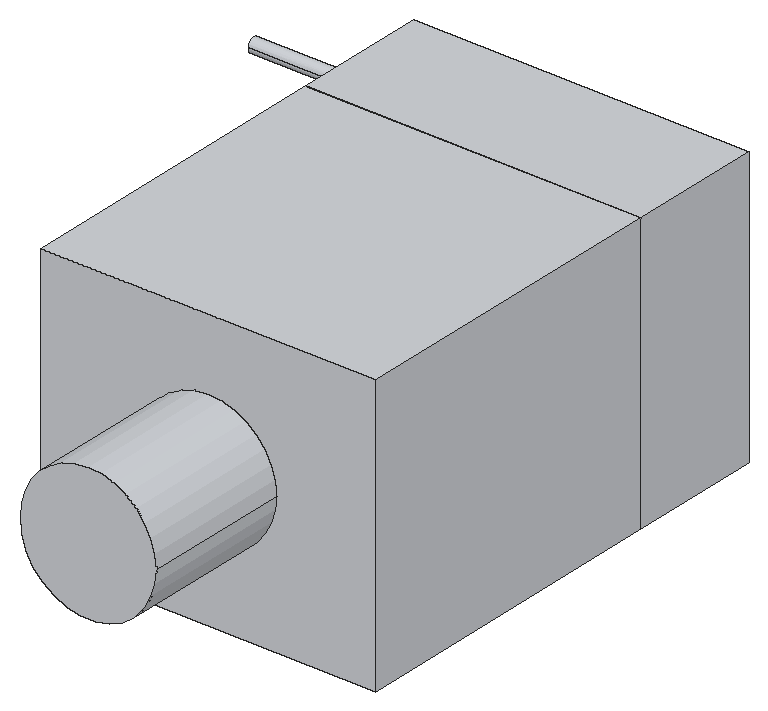
Revit family "EZTS+WITH 2 ROW HWC", category Mechanical Equipment, Revit 2018
Family settings
  Round Connector Dimension = Use Diameter
  Part Type = Normal
  OmniClass Number = 23.75.00.00
  OmniClass Title = Climate Control (HVAC)
  Work Plane-Based = No
  Always vertical = Yes
  Cut with Voids When Loaded = No
  Shared = No
  Room Calculation Point = No
Parameters (values of type "EZTS+0508 W/2 Coil LH NO Controller")
  Width = 1' - 0"
  URL = "https://www.anemostat-hvac.com/"
  RightController = no
  Power Right Controller = no
  Power Left Controller = no
  PipeVTwo = 0' - 1 1/4"
  PipeVOne = 0' - 1 1/4"
  PipeTwoRH = no
  PipeTwoLH = yes
  PipeRad = PipeDia / 2  # 0' - 0 1/4"
  PipeOneRH = no
  PipeOneLH = yes
  PipeLength = 0' - 4"
  PipeHTwo = 0' - 3 1/2"
  PipeHOne = Coil / 2.05 + Discharge  # 0' - 2.66768"
  PipeDia = 0' - 0 1/2"
  Model = "EZTS+"
  Manufacturer = "ANEMOSTAT PRODUCTS"
  Length = 1' - 0 1/2"
  LeftController = no
  Inlet_S = 0' - 5 3/8"
  InletRadius = InletDia / 2  # 0' - 2 7/16"
  InletDia = 0' - 4 7/8"
  Height = 0' - 10"
  HWCSlipDrive2Coil = 1' - 4 11/16"
  HWCSlipDrive3Coil = 1' - 5 3/4"
  HWCSlipDrive4Coil = 1' - 7 5/16"
  HWCSlipDrive1Coil = 1' - 3 5/8"
  HWCSlipDrive = 1' - 4 11/16"
  HWCOverlap = 0' - 0 5/8"
  EnslosureRear = 1' - 2 7/32"
  EnclosureWidth = 0' - 7 1/8"
  EnclosureHeight = 0' - 11 3/32"
  EnclosureFront = 0' - 3"
  EnclosureCenter = Height / 2  # 0' - 5"
  DischargeY = Height - 0' 1 1/4"  # 0' - 8 3/4"
  DischargeX = Width - 0' 1 1/4"  # 0' - 10 3/4"
  Discharge = 0' - 0 5/8"
  Description = "SINGLE DUCT AIR TERMINAL WITH JUMBO HOT WATER HEATING COIL"
  Coil = HWCSlipDrive - Length  # 0' - 4 3/16"
Types (42): name | Width | RightController | Power Right Controller | Power Left Controller | PipeTwoRH | PipeTwoLH | PipeRad | PipeOneRH | PipeOneLH | PipeHTwo | PipeDia | Length | LeftController | InletRadius | InletDia | Height | HWCSlipDrive2Coil | HWCSlipDrive3Coil | HWCSlipDrive4Coil | HWCSlipDrive1Coil | HWCSlipDrive | EnclosureCenter | DischargeY | DischargeX | Description
  EZTS+0508 W/2 Coil LH NO Controller | 1' - 0" | no | no | no | no | yes | 0' - 0 1/4" | no | yes | 0' - 3 1/2" | 0' - 0 1/2" | 1' - 0 1/2" | no | 0' - 2 7/16" | 0' - 4 7/8" | 0' - 10" | 1' - 4 11/16" | 1' - 5 3/4" | 1' - 7 5/16" | 1' - 3 5/8" | 1' - 4 11/16" | 0' - 5" | 0' - 8 3/4" | 0' - 10 3/4" | "SINGLE DUCT AIR TERMINAL WITH JUMBO HOT WATER HEATING COIL"
  EZTS+0608 W/2 Coil LH NO Controller | 1' - 0" | no | no | no | no | yes | 0' - 0 1/4" | no | yes | 0' - 3 1/2" | 0' - 0 1/2" | 1' - 0 1/2" | no | 0' - 2 15/16" | 0' - 5 7/8" | 0' - 10" | 1' - 4 11/16" | 1' - 5 3/4" | 1' - 7 5/16" | 1' - 3 5/8" | 1' - 4 11/16" | 0' - 5" | 0' - 8 3/4" | 0' - 10 3/4" | "SINGLE DUCT AIR TERMINAL WITH JUMBO HOT WATER HEATING COIL"
  EZTS+0508 W/2 Coil RH NO Controller | 1' - 0" | no | no | no | yes | no | 0' - 0 1/4" | yes | no | 0' - 3 1/2" | 0' - 0 1/2" | 1' - 0 1/2" | no | 0' - 2 7/16" | 0' - 4 7/8" | 0' - 10" | 1' - 4 11/16" | 1' - 5 3/4" | 1' - 7 5/16" | 1' - 3 5/8" | 1' - 4 11/16" | 0' - 5" | 0' - 8 3/4" | 0' - 10 3/4" | "SINGLE DUCT AIR TERMINAL WITH JUMBO HOT WATER HEATING COIL"
  EZTS+0608 W/2 Coil RH NO Controller | 1' - 0" | no | no | no | yes | no | 0' - 0 1/4" | yes | no | 0' - 3 1/2" | 0' - 0 1/2" | 1' - 0 1/2" | no | 0' - 2 15/16" | 0' - 5 7/8" | 0' - 10" | 1' - 4 11/16" | 1' - 5 3/4" | 1' - 7 5/16" | 1' - 3 5/8" | 1' - 4 11/16" | 0' - 5" | 0' - 8 3/4" | 0' - 10 3/4" | "SINGLE DUCT AIR TERMINAL WITH JUMBO HOT WATER HEATING COIL"
  EZTS+0508 W/2 Coil LH W/Controller LH | 1' - 0" | no | no | yes | no | yes | 0' - 0 1/4" | no | yes | 0' - 3 1/2" | 0' - 0 1/2" | 1' - 0 1/2" | yes | 0' - 2 7/16" | 0' - 4 7/8" | 0' - 10" | 1' - 4 11/16" | 1' - 5 3/4" | 1' - 7 5/16" | 1' - 3 5/8" | 1' - 4 11/16" | 0' - 5" | 0' - 8 3/4" | 0' - 10 3/4" | "SINGLE DUCT AIR TERMINAL WITH JUMBO HOT WATER HEATING COIL"
  EZTS+0608 W/2 Coil LH W/Controller LH | 1' - 0" | no | no | yes | no | yes | 0' - 0 1/4" | no | yes | 0' - 3 1/2" | 0' - 0 1/2" | 1' - 0 1/2" | yes | 0' - 2 15/16" | 0' - 5 7/8" | 0' - 10" | 1' - 4 11/16" | 1' - 5 3/4" | 1' - 7 5/16" | 1' - 3 5/8" | 1' - 4 11/16" | 0' - 5" | 0' - 8 3/4" | 0' - 10 3/4" | "SINGLE DUCT AIR TERMINAL WITH JUMBO HOT WATER HEATING COIL"
  EZTS+0508 W/2 Coil LH W/Controller RH | 1' - 0" | yes | yes | no | no | yes | 0' - 0 1/4" | no | yes | 0' - 3 1/2" | 0' - 0 1/2" | 1' - 0 1/2" | no | 0' - 2 7/16" | 0' - 4 7/8" | 0' - 10" | 1' - 4 11/16" | 1' - 5 3/4" | 1' - 7 5/16" | 1' - 3 5/8" | 1' - 4 11/16" | 0' - 5" | 0' - 8 3/4" | 0' - 10 3/4" | "SINGLE DUCT AIR TERMINAL WITH JUMBO HOT WATER HEATING COIL"
  EZTS+0608 W/2 Coil LH W/Controller RH | 1' - 0" | yes | yes | no | no | yes | 0' - 0 1/4" | no | yes | 0' - 3 1/2" | 0' - 0 1/2" | 1' - 0 1/2" | no | 0' - 2 15/16" | 0' - 5 7/8" | 0' - 10" | 1' - 4 11/16" | 1' - 5 3/4" | 1' - 7 5/16" | 1' - 3 5/8" | 1' - 4 11/16" | 0' - 5" | 0' - 8 3/4" | 0' - 10 3/4" | "SINGLE DUCT AIR TERMINAL WITH JUMBO HOT WATER HEATING COIL"
  EZTS+0508 W/2 Coil RH W/Controller LH | 1' - 0" | no | no | yes | yes | no | 0' - 0 1/4" | yes | no | 0' - 3 1/2" | 0' - 0 1/2" | 1' - 0 1/2" | yes | 0' - 2 7/16" | 0' - 4 7/8" | 0' - 10" | 1' - 4 11/16" | 1' - 5 3/4" | 1' - 7 5/16" | 1' - 3 5/8" | 1' - 4 11/16" | 0' - 5" | 0' - 8 3/4" | 0' - 10 3/4" | "SINGLE DUCT AIR TERMINAL WITH JUMBO HOT WATER HEATING COIL"
  EZTS+0608 W/2 Coil RH W/Controller LH | 1' - 0" | no | no | yes | yes | no | 0' - 0 1/4" | yes | no | 0' - 3 1/2" | 0' - 0 1/2" | 1' - 0 1/2" | yes | 0' - 2 15/16" | 0' - 5 7/8" | 0' - 10" | 1' - 4 11/16" | 1' - 5 3/4" | 1' - 7 5/16" | 1' - 3 5/8" | 1' - 4 11/16" | 0' - 5" | 0' - 8 3/4" | 0' - 10 3/4" | "SINGLE DUCT AIR TERMINAL WITH JUMBO HOT WATER HEATING COIL"
  EZTS+0508 W/2 Coil RH W/Controller RH | 1' - 0" | yes | yes | no | yes | no | 0' - 0 1/4" | yes | no | 0' - 3 1/2" | 0' - 0 1/2" | 1' - 0 1/2" | no | 0' - 2 7/16" | 0' - 4 7/8" | 0' - 10" | 1' - 4 11/16" | 1' - 5 3/4" | 1' - 7 5/16" | 1' - 3 5/8" | 1' - 4 11/16" | 0' - 5" | 0' - 8 3/4" | 0' - 10 3/4" | "SINGLE DUCT AIR TERMINAL WITH JUMBO HOT WATER HEATING COIL"
  EZTS+0608 W/2 Coil RH W/Controller RH | 1' - 0" | yes | yes | no | yes | no | 0' - 0 1/4" | yes | no | 0' - 3 1/2" | 0' - 0 1/2" | 1' - 0 1/2" | no | 0' - 2 15/16" | 0' - 5 7/8" | 0' - 10" | 1' - 4 11/16" | 1' - 5 3/4" | 1' - 7 5/16" | 1' - 3 5/8" | 1' - 4 11/16" | 0' - 5" | 0' - 8 3/4" | 0' - 10 3/4" | "SINGLE DUCT AIR TERMINAL WITH JUMBO HOT WATER HEATING COIL"
  EZTS+0710 W/2 Coil LH NO Controller | 1' - 2" | no | no | no | no | yes | 0' - 0 1/4" | no | yes | 0' - 3 1/2" | 0' - 0 1/2" | 1' - 2 1/2" | no | 0' - 3 7/16" | 0' - 6 7/8" | 1' - 0 1/2" | 1' - 6 11/16" | 1' - 7 3/4" | 1' - 9 5/16" | 1' - 5 5/8" | 1' - 6 11/16" | 0' - 6 1/4" | 0' - 11 1/4" | 1' - 0 3/4" | "SINGLE DUCT AIR TERMINAL WITH JUMBO HOT WATER HEATING COIL"
  EZTS+0810 W/2 Coil LH NO Controller | 1' - 2" | no | no | no | no | yes | 0' - 0 1/4" | no | yes | 0' - 3 1/2" | 0' - 0 1/2" | 1' - 2 1/2" | no | 0' - 3 15/16" | 0' - 7 7/8" | 1' - 0 1/2" | 1' - 6 11/16" | 1' - 7 3/4" | 1' - 9 5/16" | 1' - 5 5/8" | 1' - 6 11/16" | 0' - 6 1/4" | 0' - 11 1/4" | 1' - 0 3/4" | "SINGLE DUCT AIR TERMINAL WITH JUMBO HOT WATER HEATING COIL"
  EZTS+0710 W/2 Coil RH NO Controller | 1' - 2" | no | no | no | yes | no | 0' - 0 1/4" | yes | no | 0' - 3 1/2" | 0' - 0 1/2" | 1' - 2 1/2" | no | 0' - 3 7/16" | 0' - 6 7/8" | 1' - 0 1/2" | 1' - 6 11/16" | 1' - 7 3/4" | 1' - 9 5/16" | 1' - 5 5/8" | 1' - 6 11/16" | 0' - 6 1/4" | 0' - 11 1/4" | 1' - 0 3/4" | "SINGLE DUCT AIR TERMINAL WITH JUMBO HOT WATER HEATING COIL"
  EZTS+0810 W/2 Coil RH NO Controller | 1' - 2" | no | no | no | yes | no | 0' - 0 1/4" | yes | no | 0' - 3 1/2" | 0' - 0 1/2" | 1' - 2 1/2" | no | 0' - 3 15/16" | 0' - 7 7/8" | 1' - 0 1/2" | 1' - 6 11/16" | 1' - 7 3/4" | 1' - 9 5/16" | 1' - 5 5/8" | 1' - 6 11/16" | 0' - 6 1/4" | 0' - 11 1/4" | 1' - 0 3/4" | "SINGLE DUCT AIR TERMINAL WITH JUMBO HOT WATER HEATING COIL"
  EZTS+0710 W/2 Coil LH W/Controller RH | 1' - 2" | yes | yes | no | no | yes | 0' - 0 1/4" | no | yes | 0' - 3 1/2" | 0' - 0 1/2" | 1' - 2 1/2" | no | 0' - 3 7/16" | 0' - 6 7/8" | 1' - 0 1/2" | 1' - 6 11/16" | 1' - 7 3/4" | 1' - 9 5/16" | 1' - 5 5/8" | 1' - 6 11/16" | 0' - 6 1/4" | 0' - 11 1/4" | 1' - 0 3/4" | "SINGLE DUCT AIR TERMINAL WITH JUMBO HOT WATER HEATING COIL"
  EZTS+0810 W/2 Coil LH W/Controller RH | 1' - 2" | yes | yes | no | no | yes | 0' - 0 1/4" | no | yes | 0' - 3 1/2" | 0' - 0 1/2" | 1' - 2 1/2" | no | 0' - 3 15/16" | 0' - 7 7/8" | 1' - 0 1/2" | 1' - 6 11/16" | 1' - 7 3/4" | 1' - 9 5/16" | 1' - 5 5/8" | 1' - 6 11/16" | 0' - 6 1/4" | 0' - 11 1/4" | 1' - 0 3/4" | "SINGLE DUCT AIR TERMINAL WITH JUMBO HOT WATER HEATING COIL"
  EZTS+0710 W/2 Coil LH W/Controller LH | 1' - 2" | no | no | yes | no | yes | 0' - 0 1/4" | no | yes | 0' - 3 1/2" | 0' - 0 1/2" | 1' - 2 1/2" | yes | 0' - 3 7/16" | 0' - 6 7/8" | 1' - 0 1/2" | 1' - 6 11/16" | 1' - 7 3/4" | 1' - 9 5/16" | 1' - 5 5/8" | 1' - 6 11/16" | 0' - 6 1/4" | 0' - 11 1/4" | 1' - 0 3/4" | "SINGLE DUCT AIR TERMINAL WITH JUMBO HOT WATER HEATING COIL"
  EZTS+0810 W/2 Coil LH W/Controller LH | 1' - 2" | no | no | yes | no | yes | 0' - 0 1/4" | no | yes | 0' - 3 1/2" | 0' - 0 1/2" | 1' - 2 1/2" | yes | 0' - 3 15/16" | 0' - 7 7/8" | 1' - 0 1/2" | 1' - 6 11/16" | 1' - 7 3/4" | 1' - 9 5/16" | 1' - 5 5/8" | 1' - 6 11/16" | 0' - 6 1/4" | 0' - 11 1/4" | 1' - 0 3/4" | "SINGLE DUCT AIR TERMINAL WITH JUMBO HOT WATER HEATING COIL"
  EZTS+0710 W/2 Coil RH W/Controller LH | 1' - 2" | no | no | yes | yes | no | 0' - 0 1/4" | yes | no | 0' - 3 1/2" | 0' - 0 1/2" | 1' - 2 1/2" | yes | 0' - 3 7/16" | 0' - 6 7/8" | 1' - 0 1/2" | 1' - 6 11/16" | 1' - 7 3/4" | 1' - 9 5/16" | 1' - 5 5/8" | 1' - 6 11/16" | 0' - 6 1/4" | 0' - 11 1/4" | 1' - 0 3/4" | "SINGLE DUCT AIR TERMINAL WITH JUMBO HOT WATER HEATING COIL"
  EZTS+0810 W/2 Coil RH W/Controller LH | 1' - 2" | no | no | yes | yes | no | 0' - 0 1/4" | yes | no | 0' - 3 1/2" | 0' - 0 1/2" | 1' - 2 1/2" | yes | 0' - 3 15/16" | 0' - 7 7/8" | 1' - 0 1/2" | 1' - 6 11/16" | 1' - 7 3/4" | 1' - 9 5/16" | 1' - 5 5/8" | 1' - 6 11/16" | 0' - 6 1/4" | 0' - 11 1/4" | 1' - 0 3/4" | "SINGLE DUCT AIR TERMINAL WITH JUMBO HOT WATER HEATING COIL"
  EZTS+0710 W/2 Coil RH W/Controller RH | 1' - 2" | yes | yes | no | yes | no | 0' - 0 1/4" | yes | no | 0' - 3 1/2" | 0' - 0 1/2" | 1' - 2 1/2" | no | 0' - 3 7/16" | 0' - 6 7/8" | 1' - 0 1/2" | 1' - 6 11/16" | 1' - 7 3/4" | 1' - 9 5/16" | 1' - 5 5/8" | 1' - 6 11/16" | 0' - 6 1/4" | 0' - 11 1/4" | 1' - 0 3/4" | "SINGLE DUCT AIR TERMINAL WITH JUMBO HOT WATER HEATING COIL"
  EZTS+0810 W/2 Coil RH W/Controller RH | 1' - 2" | yes | yes | no | yes | no | 0' - 0 1/4" | yes | no | 0' - 3 1/2" | 0' - 0 1/2" | 1' - 2 1/2" | no | 0' - 3 15/16" | 0' - 7 7/8" | 1' - 0 1/2" | 1' - 6 11/16" | 1' - 7 3/4" | 1' - 9 5/16" | 1' - 5 5/8" | 1' - 6 11/16" | 0' - 6 1/4" | 0' - 11 1/4" | 1' - 0 3/4" | "SINGLE DUCT AIR TERMINAL WITH JUMBO HOT WATER HEATING COIL"
  EZTS+1012 W/2 Coil LH NO Controller | 1' - 4" | no | no | no | no | yes | 0' - 0 1/4" | no | yes | 0' - 3 1/2" | 0' - 0 1/2" | 1' - 6 1/2" | no | 0' - 5 15/16" | 0' - 11 7/8" | 1' - 3" | 1' - 10 11/16" | 1' - 11 3/4" | 2' - 0 13/16" | 1' - 9 5/8" | 1' - 10 11/16" | 0' - 7 1/2" | 1' - 1 3/4" | 1' - 2 3/4" | "EZTS+ W/ Hot Water Heating Coil"
  EZTS+1012 W/2 Coil RH NO Controller | 1' - 4" | no | no | no | yes | no | 0' - 0 1/4" | yes | no | 0' - 3 1/2" | 0' - 0 1/2" | 1' - 6 1/2" | no | 0' - 4 15/16" | 0' - 9 7/8" | 1' - 3" | 1' - 10 11/16" | 1' - 11 3/4" | 2' - 0 13/16" | 1' - 9 5/8" | 1' - 10 11/16" | 0' - 7 1/2" | 1' - 1 3/4" | 1' - 2 3/4" | "EZTS+ W/ Hot Water Heating Coil"
  EZTS+1012 W/2 Coil LH W/Controller LH | 1' - 4" | no | no | yes | no | yes | 0' - 0 1/4" | no | yes | 0' - 3 1/2" | 0' - 0 1/2" | 1' - 6 1/2" | yes | 0' - 4 15/16" | 0' - 9 7/8" | 1' - 3" | 1' - 10 11/16" | 1' - 11 3/4" | 2' - 0 13/16" | 1' - 9 5/8" | 1' - 10 11/16" | 0' - 7 1/2" | 1' - 1 3/4" | 1' - 2 3/4" | "SINGLE DUCT AIR TERMINAL WITH JUMBO HOT WATER HEATING COIL"
  EZTS+1012 W/2 Coil LH W/Controller RH | 1' - 4" | yes | yes | no | no | yes | 0' - 0 1/4" | no | yes | 0' - 3 1/2" | 0' - 0 1/2" | 1' - 6 1/2" | no | 0' - 4 15/16" | 0' - 9 7/8" | 1' - 3" | 1' - 10 11/16" | 1' - 11 3/4" | 2' - 0 13/16" | 1' - 9 5/8" | 1' - 10 11/16" | 0' - 7 1/2" | 1' - 1 3/4" | 1' - 2 3/4" | "EZTS+ W/ Hot Water Heating Coil"
  EZTS+1012 W/2 Coil RH W/Controller LH | 1' - 4" | no | no | yes | yes | no | 0' - 0 1/4" | yes | no | 0' - 3 1/2" | 0' - 0 1/2" | 1' - 6 1/2" | yes | 0' - 4 15/16" | 0' - 9 7/8" | 1' - 3" | 1' - 10 11/16" | 1' - 11 3/4" | 2' - 0 13/16" | 1' - 9 5/8" | 1' - 10 11/16" | 0' - 7 1/2" | 1' - 1 3/4" | 1' - 2 3/4" | "EZTS+ W/ Hot Water Heating Coil"
  EZTS+1012 W/2 Coil RH W/Controller RH | 1' - 4" | yes | yes | no | yes | no | 0' - 0 1/4" | yes | no | 0' - 3 1/2" | 0' - 0 1/2" | 1' - 6 1/2" | no | 0' - 4 15/16" | 0' - 9 7/8" | 1' - 3" | 1' - 10 11/16" | 1' - 11 3/4" | 2' - 0 13/16" | 1' - 9 5/8" | 1' - 10 11/16" | 0' - 7 1/2" | 1' - 1 3/4" | 1' - 2 3/4" | "EZTS+ W/ Hot Water Heating Coil"
  EZTS+1214 W/2 Coil LH NO Controller | 1' - 8" | no | no | no | no | yes | 0' - 0 7/16" | no | yes | 0' - 2 5/32" | 0' - 0 7/8" | 1' - 6 1/2" | no | 0' - 5 15/16" | 0' - 11 7/8" | 1' - 5 1/2" | 1' - 10 11/16" | 1' - 11 3/4" | 2' - 0 13/16" | 1' - 9 5/8" | 1' - 10 11/16" | 0' - 8 3/4" | 1' - 4 1/4" | 1' - 6 3/4" | "SINGLE DUCT AIR TERMINAL WITH JUMBO HOT WATER HEATING COIL"
  EZTS+1214 W/2 Coil RH NO Controller | 1' - 8" | no | no | no | yes | no | 0' - 0 7/16" | yes | no | 0' - 2 5/32" | 0' - 0 7/8" | 1' - 6 1/2" | no | 0' - 5 15/16" | 0' - 11 7/8" | 1' - 5 1/2" | 1' - 10 11/16" | 1' - 11 3/4" | 2' - 0 13/16" | 1' - 9 5/8" | 1' - 10 11/16" | 0' - 8 3/4" | 1' - 4 1/4" | 1' - 6 3/4" | "SINGLE DUCT AIR TERMINAL WITH JUMBO HOT WATER HEATING COIL"
  EZTS+1214 W/2 Coil LH W/Controller LH | 1' - 8" | no | no | yes | no | yes | 0' - 0 7/16" | no | yes | 0' - 2 5/32" | 0' - 0 7/8" | 1' - 6 1/2" | yes | 0' - 5 15/16" | 0' - 11 7/8" | 1' - 5 1/2" | 1' - 10 11/16" | 1' - 11 3/4" | 2' - 0 13/16" | 1' - 9 5/8" | 1' - 10 11/16" | 0' - 8 3/4" | 1' - 4 1/4" | 1' - 6 3/4" | "SINGLE DUCT AIR TERMINAL WITH JUMBO HOT WATER HEATING COIL"
  EZTS+1214 W/2 Coil LH W/Controller RH | 1' - 8" | yes | yes | no | no | yes | 0' - 0 7/16" | no | yes | 0' - 2 5/32" | 0' - 0 7/8" | 1' - 6 1/2" | no | 0' - 5 15/16" | 0' - 11 7/8" | 1' - 5 1/2" | 1' - 10 11/16" | 1' - 11 3/4" | 2' - 0 13/16" | 1' - 9 5/8" | 1' - 10 11/16" | 0' - 8 3/4" | 1' - 4 1/4" | 1' - 6 3/4" | "SINGLE DUCT AIR TERMINAL WITH JUMBO HOT WATER HEATING COIL"
  EZTS+1214 W/2 Coil RH W/Controller LH | 1' - 8" | no | no | yes | yes | no | 0' - 0 7/16" | yes | no | 0' - 2 5/32" | 0' - 0 7/8" | 1' - 6 1/2" | yes | 0' - 5 15/16" | 0' - 11 7/8" | 1' - 5 1/2" | 1' - 10 11/16" | 1' - 11 3/4" | 2' - 0 13/16" | 1' - 9 5/8" | 1' - 10 11/16" | 0' - 8 3/4" | 1' - 4 1/4" | 1' - 6 3/4" | "SINGLE DUCT AIR TERMINAL WITH JUMBO HOT WATER HEATING COIL"
  EZTS+1214 W/2 Coil RH W/Controller RH | 1' - 8" | yes | yes | no | yes | no | 0' - 0 7/16" | yes | no | 0' - 2 5/32" | 0' - 0 7/8" | 1' - 6 1/2" | no | 0' - 5 15/16" | 0' - 11 7/8" | 1' - 5 1/2" | 1' - 10 11/16" | 1' - 11 3/4" | 2' - 0 13/16" | 1' - 9 5/8" | 1' - 10 11/16" | 0' - 8 3/4" | 1' - 4 1/4" | 1' - 6 3/4" | "SINGLE DUCT AIR TERMINAL WITH JUMBO HOT WATER HEATING COIL"
  EZTS+1416 W/2 Coil LH NO Controller | 2' - 0" | no | no | no | no | yes | 0' - 0 7/16" | no | yes | 0' - 3 1/2" | 0' - 0 7/8" | 1' - 6 1/2" | no | 0' - 6 15/16" | 1' - 1 7/8" | 1' - 5 1/2" | 1' - 10 11/16" | 1' - 11 3/4" | 2' - 0 13/16" | 0' - 0" | 1' - 10 11/16" | 0' - 8 3/4" | 1' - 4 1/4" | 1' - 10 3/4" | "SINGLE DUCT AIR TERMINAL WITH JUMBO HOT WATER HEATING COIL"
  EZTS+1416 W/2 Coil RH NO Controller | 2' - 0" | no | no | no | yes | no | 0' - 0 7/16" | yes | no | 0' - 3 1/2" | 0' - 0 7/8" | 1' - 6 1/2" | no | 0' - 6 15/16" | 1' - 1 7/8" | 1' - 5 1/2" | 1' - 10 11/16" | 1' - 11 3/4" | 2' - 0 13/16" | 0' - 0" | 1' - 10 11/16" | 0' - 8 3/4" | 1' - 4 1/4" | 1' - 10 3/4" | "SINGLE DUCT AIR TERMINAL WITH JUMBO HOT WATER HEATING COIL"
  EZTS+1416 W/2 Coil LH W/Controller LH | 2' - 0" | no | no | yes | no | yes | 0' - 0 7/16" | no | yes | 0' - 3 1/2" | 0' - 0 7/8" | 1' - 6 1/2" | yes | 0' - 6 15/16" | 1' - 1 7/8" | 1' - 5 1/2" | 1' - 10 11/16" | 1' - 11 3/4" | 2' - 0 13/16" | 0' - 0" | 1' - 10 11/16" | 0' - 8 3/4" | 1' - 4 1/4" | 1' - 10 3/4" | "SINGLE DUCT AIR TERMINAL WITH JUMBO HOT WATER HEATING COIL"
  EZTS+1416 W/2 Coil LH W/Controller RH | 2' - 0" | yes | yes | no | no | yes | 0' - 0 7/16" | no | yes | 0' - 3 1/2" | 0' - 0 7/8" | 1' - 6 1/2" | no | 0' - 6 15/16" | 1' - 1 7/8" | 1' - 5 1/2" | 1' - 10 11/16" | 1' - 11 3/4" | 2' - 0 13/16" | 0' - 0" | 1' - 10 11/16" | 0' - 8 3/4" | 1' - 4 1/4" | 1' - 10 3/4" | "SINGLE DUCT AIR TERMINAL WITH JUMBO HOT WATER HEATING COIL"
  EZTS+1416 W/2 Coil RH W/Controller LH | 2' - 0" | no | no | yes | yes | no | 0' - 0 7/16" | yes | no | 0' - 3 1/2" | 0' - 0 7/8" | 1' - 6 1/2" | yes | 0' - 6 15/16" | 1' - 1 7/8" | 1' - 5 1/2" | 1' - 10 11/16" | 1' - 11 3/4" | 2' - 0 13/16" | 0' - 0" | 1' - 10 11/16" | 0' - 8 3/4" | 1' - 4 1/4" | 1' - 10 3/4" | "SINGLE DUCT AIR TERMINAL WITH JUMBO HOT WATER HEATING COIL"
  EZTS+1416 W/2 Coil RH W/Controller RH | 2' - 0" | yes | yes | no | yes | no | 0' - 0 7/16" | yes | no | 0' - 3 1/2" | 0' - 0 7/8" | 1' - 6 1/2" | no | 0' - 6 15/16" | 1' - 1 7/8" | 1' - 5 1/2" | 1' - 10 11/16" | 1' - 11 3/4" | 2' - 0 13/16" | 0' - 0" | 1' - 10 11/16" | 0' - 8 3/4" | 1' - 4 1/4" | 1' - 10 3/4" | "SINGLE DUCT AIR TERMINAL WITH JUMBO HOT WATER HEATING COIL"
Reference planes (in)
  plane 1 "Center (Front/Back)": y = 0
  plane 2: z = 0
  plane 3 "Center (Left/Right)": x = 0
  plane 4 "RightSide": x = 6
  plane 5 "LeftSide": x = -6
  plane 6 "InletSide": y = -6.25
  plane 7: y = 4.96875
  plane 8 "EnclosureFront": y = -9.25
  plane 9: x = 13.125
  plane 10: x = -13.125
  plane 11 "DischargeSide": y = 6.25
  plane 12: y = 5.625
  plane 13: z = 10
  plane 14: z = 5
  plane 15: z = 10.54687
  plane 16: z = -0.54687
  plane 17: x = 5.375
  plane 18: x = -5.375
  plane 19: z = 9.375
  plane 20: z = 0.625
  plane 21: y = 5
  plane 22 "HWC SlipNDrive": y = 10.4375
  plane 23: z = 1.25
  plane 24: y = 9.125
  plane 25: y = 8.29268
  plane 26: z = 8.75
Forms (in)
  Extrusion 1, solid
    sketch origin (0, 0, 0) x (1, 0, 0) y (0, 1, 0)
      loop
        line (6, 5.625) -> (-6, 5.625) -> (-6, -6.25) -> (6, -6.25) -> (6, 5.625)
    from 0 to 10
  Extrusion 2, solid
    sketch origin (0, -6.25, 0) x (1, 0, 0) y (0, 0, 1)
      loop
        circle (0, 5) r 2.4375
    from 0 to 5.375 <- "Inlet_S"
  Extrusion 3, solid
    sketch origin (0, 6.25, 0) x (1, 0, 0) y (0, 0, 1)
      loop
        line (-5.375, 9.375) -> (-5.375, 0.625) -> (5.375, 0.625) -> (5.375, 9.375) -> (-5.375, 9.375)
    from 0 to 0.625 <- "Discharge"
  Extrusion 4, solid
    sketch origin (0, 0, 0) x (1, 0, 0) y (0, 1, 0)
      loop
        line (6, 10.4375) -> (-6, 10.4375) -> (-6, 5.625) -> (6, 5.625) -> (6, 10.4375)
    from 0 to 10 <- "Height"
  Extrusion 5, solid, visible <- "PipeOneRH"
    sketch origin (6, 0, 0) x (0, -1, 0) y (0, 0, -1)
      loop
        circle (-8.29268, -8.75) r 0.25
    from 0 to 4 <- "PipeLength"
  Extrusion 6, solid, visible <- "PipeTwoRH"
    sketch origin (6, 0, 0) x (0, -1, 0) y (0, 0, -1)
      loop
        circle (-9.125, -1.25) r 0.25
    from 0 to 4 <- "PipeLength"
  Extrusion 7, solid, visible <- "PipeOneLH"
    sketch origin (-6, 0, 0) x (0, 1, 0) y (0, 0, -1)
      loop
        circle (8.29268, -8.75) r 0.25
    from 0 to 4 <- "PipeLength"
  Extrusion 8, solid, visible <- "PipeTwoLH"
    sketch origin (-6, 0, 0) x (0, 1, 0) y (0, 0, -1)
      loop
        circle (9.125, -1.25) r 0.25
    from 0 to 4 <- "PipeLength"
Dimensions and locks (in)
  equal spacing: plane 5 "LeftSide", plane 3 "Center (Left/Right)", plane 4 "RightSide"
  "EnclosureFront": plane 8 "EnclosureFront" to plane 6 "InletSide"
  "Width": plane 5 "LeftSide" to plane 4 "RightSide"
  "EnclosureWidth": plane 4 "RightSide" to plane 9
  "EnclosureWidth": plane 10 to plane 5 "LeftSide"
  equal spacing: plane 11 "DischargeSide", plane 1 "Center (Front/Back)", plane 6 "InletSide"
  "Length": plane 11 "DischargeSide" to plane 6 "InletSide"
  "EnslosureRear": plane 7 to plane 8 "EnclosureFront"
  "Discharge": plane 12 to plane 11 "DischargeSide"
  equal spacing: plane 15, plane 14, plane 16
  "EnclosureHeight": plane 15 to plane 16
  "EnclosureCenter": plane 14 to level
  "Height": plane 13 to level
  equal spacing: plane 17, plane 3 "Center (Left/Right)", plane 18
  "DischargeX": plane 17 to plane 18
  "Discharge": plane 13 to plane 19
  "Discharge": plane 20 to level
  plane 6 "InletSide" to plane 11 "DischargeSide" = 1' - 0 1/2"
  "HWCOverlap": plane 21 to plane 12
  "HWCSlipDrive": plane 22 "HWC SlipNDrive" to plane 6 "InletSide"
  "PipeHTwo": plane 24 to plane 12
  "PipeVTwo": plane 23 to level
  "PipeHOne": plane 25 to plane 12
  "PipeVOne": plane 13 to plane 26
  "InletRadius": radius of Extrusion 2 sketch curve
  "PipeRad": radius of Extrusion 5 sketch curve
  "PipeRad": radius of Extrusion 6 sketch curve
  "PipeRad": radius of Extrusion 7 sketch curve
  "PipeRad": radius of Extrusion 8 sketch curve
  aligned and locked: level to plane 2
  aligned and locked: plane 12 to Extrusion 1 sketch curve
  aligned and locked: plane 4 "RightSide" to Extrusion 1 sketch curve
  aligned and locked: plane 6 "InletSide" to Extrusion 1 sketch curve
  aligned and locked: plane 5 "LeftSide" to Extrusion 1 sketch curve
  aligned and locked: plane 13 to Extrusion 1
  aligned and locked: plane 19 to Extrusion 3 sketch curve
  aligned and locked: Extrusion 3 sketch curve to plane 18
  aligned and locked: plane 20 to Extrusion 3 sketch curve
  aligned and locked: plane 17 to Extrusion 3 sketch curve
  aligned and locked: nested 1 to plane 7
  aligned and locked: plane 4 "RightSide" to nested 1
  aligned and locked: nested 2 to plane 5 "LeftSide"
  aligned and locked: nested 2 to plane 7
  aligned and locked: plane 22 "HWC SlipNDrive" to Extrusion 4 sketch curve
  aligned and locked: plane 4 "RightSide" to Extrusion 4 sketch curve
  aligned and locked: Extrusion 4 sketch curve to Extrusion 1  (x2)
Automatic sketch dimensions
  Extrusion 2 sketch curve to plane 3 "Center (Left/Right)" = 0' - 0"
  Extrusion 2 sketch curve to plane 14 = 0' - 0"
  Extrusion 5 sketch curve to plane 25 = 0' - 0"
  Extrusion 5 sketch curve to plane 26 = 0' - 0"
  Extrusion 6 sketch curve to plane 23 = 0' - 0"
  Extrusion 6 sketch curve to plane 24 = 0' - 0"
  Extrusion 7 sketch curve to plane 25 = 0' - 0"
  Extrusion 7 sketch curve to plane 26 = 0' - 0"
  Extrusion 8 sketch curve to plane 23 = 0' - 0"
  Extrusion 8 sketch curve to plane 24 = 0' - 0"
Nested families (in)
  nested 1: "ControlEnclosure" at (6, 3.58942, 0), visible <- "RightController", type "Inlet Size 10 Enclosure Left"
    with Height 0' - 10", EnclosureWidth 0' - 7 1/8", EnclosureHeight 0' - 11 3/32", EnclosureCenter 0' - 5"
  nested 2: "ControlEnclosure" at (-6, 3.58942, 0) x (-1, 0, 0) z (0, 0, 1), visible <- "LeftController", type "Inlet Size 10 Enclosure Left"
    with Height 0' - 10", EnclosureWidth 0' - 7 1/8", EnclosureHeight 0' - 11 3/32", EnclosureCenter 0' - 5"
Connectors (in)
  hvac at (0, -11.625, 5), driven by "InletDia"
    settings: on Extrusion 2, index 1, duct flow 0 CFM, flow factor 0, pres drop 0.00 in-wg, loss coef 0, conn angle 0.00°, conn width 12", conn height 12", conn diameter 4 7/8", duct sys type 1, conn prof type 0, flow config 0, flow direction 1, loss method 0, conn ref index -1, conn util no, is conn primary yes, conn desc ""
  electrical at (-13.125, -2.14062, 5), driven by "Power Left Controller"
    settings: on nested 2, index 2, voltage 0 V, apparent load 0 VA, apparent load phase1 0 VA, apparent load phase2 0 VA, apparent load phase3 0 VA, power factor 1, load classification "Other", number of poles 1, system type 31, power factor state 1, is connector primary yes, connector utility no, sub classification motor no, connector description ""
  hvac at (0, 10.4375, 5), driven by "Height", driven by "Width"
    settings: on Extrusion 4, index 3, duct flow 0 CFM, flow factor 0, pres drop 0.00 in-wg, loss coef 0, conn angle 0.00°, conn width 12", conn height 10", conn diameter 24", duct sys type 3, conn prof type 1, flow config 0, flow direction 0, loss method 0, conn ref index -1, conn util no, is conn primary no, conn desc ""
  piping at (-10, 8.29268, 8.75), diameter 0.5, driven by "PipeDia", driven by "PipeOneLH"
    settings: on Extrusion 7, index 4, connector inside diameter 24", connector length 0' - 0", flow factor 0, pipe flow 0 GPM, pressure drop 0.00 psi, fitting loss kfactor 0, connector angle 0.00°, fixture units 0, engagement length 0' - 0", angle of deflection 0.00°, flow configuration 0, flow direction 2, fitting loss method 0, system type 8, joint type 0, gender type 0, connector reference index -1, connector utility 1, adjustable connector no, is connector primary yes, connector description ""
  piping at (-10, 9.125, 1.25), diameter 0.5, driven by "PipeDia", driven by "PipeTwoLH"
    settings: on Extrusion 8, index 5, connector inside diameter 24", connector length 0' - 0", flow factor 0, pipe flow 0 GPM, pressure drop 0.00 psi, fitting loss kfactor 0, connector angle 0.00°, fixture units 0, engagement length 0' - 0", angle of deflection 0.00°, flow configuration 0, flow direction 1, fitting loss method 0, system type 7, joint type 0, gender type 0, connector reference index -1, connector utility 1, adjustable connector no, is connector primary no, connector description ""
  piping at (10, 8.29268, 8.75), diameter 0.5, driven by "PipeDia", driven by "PipeOneRH"
    settings: on Extrusion 5, index 6, connector inside diameter 24", connector length 0' - 0", flow factor 0, pipe flow 0 GPM, pressure drop 0.00 psi, fitting loss kfactor 0, connector angle 0.00°, fixture units 0, engagement length 0' - 0", angle of deflection 0.00°, flow configuration 0, flow direction 2, fitting loss method 0, system type 8, joint type 0, gender type 0, connector reference index -1, connector utility 0, adjustable connector no, is connector primary no, connector description ""
  piping at (10, 9.125, 1.25), diameter 0.5, driven by "PipeDia", driven by "PipeTwoRH"
    settings: on Extrusion 6, index 7, connector inside diameter 24", connector length 0' - 0", flow factor 0, pipe flow 0 GPM, pressure drop 0.00 psi, fitting loss kfactor 0, connector angle 0.00°, fixture units 0, engagement length 0' - 0", angle of deflection 0.00°, flow configuration 0, flow direction 1, fitting loss method 0, system type 7, joint type 0, gender type 0, connector reference index -1, connector utility 0, adjustable connector no, is connector primary no, connector description ""
  electrical at (13.125, -2.14062, 5), driven by "Power Right Controller"
    settings: on nested 1, index 8, voltage 0 V, apparent load 0 VA, apparent load phase1 0 VA, apparent load phase2 0 VA, apparent load phase3 0 VA, power factor 1, load classification "Other", number of poles 1, system type 31, power factor state 1, is connector primary no, connector utility no, sub classification motor no, connector description ""
Definition of nested family "ControlEnclosure"
  Parameters (values of type "Enclosure")
    Width = 1' - 2"
    Lenght = 1' - 2 1/2"
    Height = 1' - 0 1/2"
    EnslosureRear = 1' - 2 7/32"
    EnclosureWidth = 0' - 7 1/8"
    EnclosureHeight = 0' - 11 3/32"
    EnclosureFront = 0' - 3"
    EnclosureCenter = Height / 2  # 0' - 6 1/4"
    DischargeY = 0' - 11 1/4"
    DischargeX = 1' - 0 3/4"
    Discharge = 0' - 0 5/8"
  Types (3): name | EnclosureWidth | EnclosureHeight
    Inlet Size 10 Enclosure Left | 0' - 11 3/32" | 0' - 7 1/8"
    Inlet Size 10 Enclosure Right | 0' - 7 1/8" | 0' - 6.00967"
    Enclosure | 0' - 7 1/8" | 0' - 11 3/32"
  Reference planes (in)
    plane 1 "Center (Front/Back)": y = 0
    plane 2: z = 0
    plane 3 "Center (Left/Right)": x = 0
    plane 4: x = 7
    plane 5: x = -7
    plane 6: y = -7.25
    plane 7: y = 1.37933
    plane 8: y = -12.83942
    plane 9 "EnclosureSide": x = 14.125
    plane 10: x = -14.125
    plane 11: y = 7.25
    plane 12: y = 6.625
    plane 13: z = 6.25
    plane 14: z = 11.79688
    plane 15: z = 0.70313
  Forms (in)
    Extrusion 1, solid
      sketch origin (0, 0, 0) x (0, 1, 0) y (0, 0, 1)
        loop
          line (1.37933, 11.79688) -> (-12.83942, 11.79688) -> (-12.83942, 0.70313) -> (1.37933, 0.70313) -> (1.37933, 11.79688)
      from 0 to 7.125 <- "EnclosureWidth"
  Dimensions and locks (in)
    equal spacing: plane 5, plane 3 "Center (Left/Right)", plane 4
    plane 8 to plane 6 = 0' - 5.58942"
    "Width": plane 5 to plane 4
    "EnclosureWidth": plane 4 to plane 9 "EnclosureSide"
    "EnclosureWidth": plane 10 to plane 5
    equal spacing: plane 11, plane 1 "Center (Front/Back)", plane 6
    "Lenght": plane 11 to plane 6
    "EnslosureRear": plane 7 to plane 8
    "Discharge": plane 12 to plane 11
    "EnclosureCenter": plane 13 to level
    equal spacing: plane 15, plane 13, plane 14
    "EnclosureHeight": plane 15 to plane 14
    aligned and locked: level to plane 2
    aligned and locked: Extrusion 1 sketch curve to plane 7
    aligned and locked: Extrusion 1 sketch curve to plane 14
    aligned and locked: Extrusion 1 sketch curve to plane 8
    aligned and locked: Extrusion 1 sketch curve to plane 15
